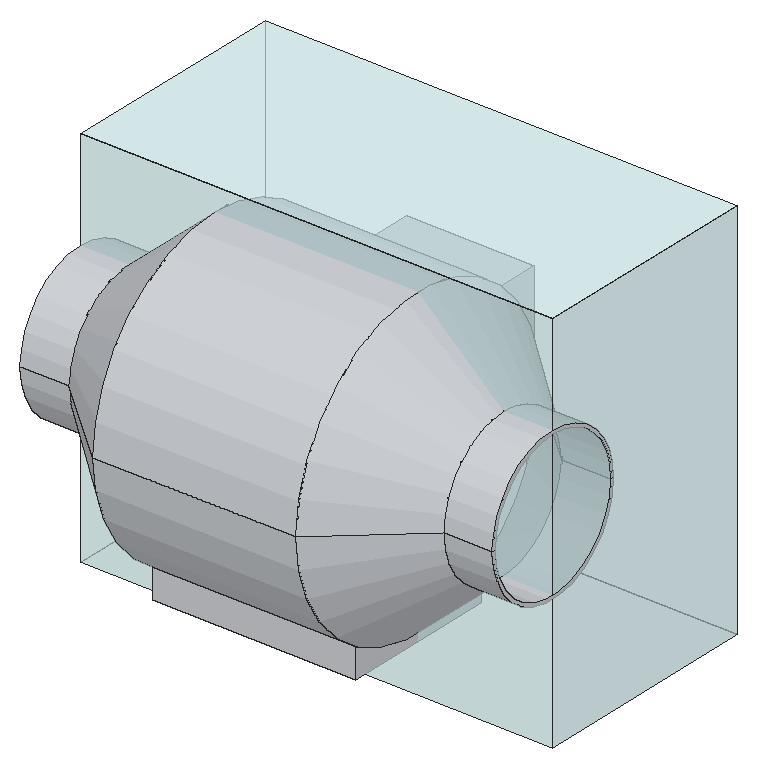
Revit family "Vents_TT PRO_2016_19.08", category Оборудование, Revit 2016
Family settings
  Тип детали = Вставляется
  Размер круглого соединителя = Использовать диаметр
  На основе рабочей плоскости = Нет
  Всегда вертикально = Нет
  При загрузке вырезать с полостями = Нет
  Общий = Нет
  Точка расчета площади = Нет
Parameters (values of type "TT PRO 100")
  Угол = 60.00°
  Использовать масштаб аннотаций [instance] = 0
  Группа модели = "ТТ PRO"
  Variable Speed Drive = no
  Sound Pressure Level at 3m  dBA (Min/Max) = "27/32"
  Service Zone 2 = 2 * LL1  # 302.6 mm
  Service Zone 1 = (R2 * 2) + 20 mm  # 215.8 mm
  Service Zone = R2 + 50 mm  # 147.9 mm
  Power min = 23 W
  Power max = 25 W
  PValue [instance] = 0.0 Pa
  Motor IP Rating = "IPX4"
  WW2 = 52 mm
  WW1 = 50 mm
  W = 500 mm
  Voltage = 230 V
  URL = "https://ventilation-system.com/product/tt-pro-100#characteristic"
  RR4 = 12 mm
  RR3 = 31 mm
  R3 = 49 mm
  R2 = 97.9 mm
  R1 = 48.5 mm
  Productdata [instance] = ""
  PE = 103 mm
  PC = 123 mm
  Изготовитель = "VENTS"
  Mass = 1.75 kg
  MC Product Code = "ТТ PRO 100"
  LL7 = 98 mm
  LL6 = 43 mm
  L8 = 82 mm
  LL4 = 41 mm
  LL3 = 65 mm
  LL2 = 120 mm
  LL1 = 151.3 mm
  Ingress Protection Rating = "IPX4"
  HH3 = R2  # 97.9 mm
  HH2 = 49 mm
  HH1 = 50 mm
  Описание = "Inline mixed-flow fan"
  FlowMin = 180.0 m³/h
  FlowMax = 245.0 m³/h
  Flow [instance] = 245.0 m³/h
  EC motor = no
  D = 100 mm
  Current.Min = 0.1 A
  Current.Max = 0.11 A
  Certification = "by Manifacturer"
  CAT2 = yes
  CAT1 = yes
  CAT0 = yes
Types (7, lengths in mm): name | Sound Pressure Level at 3m  dBA (Min/Max) | Service Zone 2 | Service Zone 1 | Service Zone | Power min | Power max | WW2 | WW1 | URL | RR3 | R2 | R1 | PE | PC | Mass | MC Product Code | LL6 | L8 | LL4 | LL3 | LL2 | LL1 | HH3 | HH2 | HH1 | FlowMin | FlowMax | Flow | D | Current.Min | Current.Max
  TT PRO 160 | "32/44" | 289 | 240.2 | 160.1 | 42 W | 50 W | 52 | 70 | "https://ventilation-system.com/product/tt-pro-160#characteristic" | 43.351 | 110.1 | 79 | 115 | 134 | 3.25 kg | "ТТ PRO 160" | 43 | 82 | 41 | 69 | 112 | 144.5 | 110.1 | 49 | 50 | 415.0 m³/h | 565.0 m³/h | 565.0 m³/h | 160 | 0.19 A | 0.22 A
  TT PRO 200 | "39/45" | 295.6 | 259 | 169.5 | 76 W | 108 W | 52 | 70 | "https://ventilation-system.com/product/tt-pro-200#characteristic" | 43.351 | 119.5 | 99.5 | 130 | 131 | 3.95 kg | "ТТ PRO 200" | 43 | 82 | 41 | 70 | 115 | 147.8 | 119.5 | 49 | 50 | 830.0 m³/h | 1040.0 m³/h | 1040.0 m³/h | 200 | 0.34 A | 0.48 A
  TT PRO 250 | "44/51" | 383 | 307 | 193.5 | 125 W | 177 W | 72 | 70 | "https://ventilation-system.com/product/tt-pro-250#characteristic" | 50 | 143.5 | 123 | 153 | 170 | 7.80 kg | "ТТ PRO 250" | 88.5 | 108 | 54 | 119 | 150 | 191.5 | 143.5 | 49 | 50 | 1110.0 m³/h | 1400.0 m³/h | 1400.0 m³/h | 250 | 0.79 A | 0.54 A
  TT PRO 315 | "41/52" | 445 | 382 | 231 | 230 W | 320 W | 102 | 100 | "https://ventilation-system.com/product/tt-315#characteristic" | 50 | 181 | 155 | 200 | 208 | 11.95 kg | "ТТ PRO 315" | 118 | 108 | 54 | 155 | 192 | 222.5 | 181 | 132 | 67.5 | 1570.0 m³/h | 2050.0 m³/h | 2050.0 m³/h | 315 | 1 A | 1.42 A
  TT PRO 150 | "32/44" | 289 | 240.2 | 160.1 | 42 W | 50 W | 58 | 56 | "https://ventilation-system.com/product/tt-pro-150#characteristic" | 50 | 110.1 | 74 | 113 | 134 | 2.95 kg | "ТТ PRO 150" | 118 | 108 | 54 | 71 | 112 | 144.5 | 110.1 | 132 | 67.5 | 415.0 m³/h | 565.0 m³/h | 565.0 m³/h | 150 | 0.19 A | 0.22 A
  TT PRO 125 | "29/34" | 258.6 | 215.6 | 147.8 | 25 W | 29 W | 52 | 50 | "https://ventilation-system.com/product/tt-pro-125#characteristic" | 31 | 97.8 | 61.5 | 103 | 123 | 2.15 kg | "ТТ PRO 125" | 43 | 82 | 41 | 67 | 100 | 129.3 | 97.8 | 49 | 50 | 240.0 m³/h | 350.0 m³/h | 350.0 m³/h | 125 | 0.11 A | 0.13 A
  TT PRO 100 | "27/32" | 302.6 | 215.8 | 147.9 | 23 W | 25 W | 52 | 50 | "https://ventilation-system.com/product/tt-pro-100#characteristic" | 31 | 97.9 | 48.5 | 103 | 123 | 1.75 kg | "ТТ PRO 100" | 43 | 82 | 41 | 65 | 120 | 151.3 | 97.9 | 49 | 50 | 180.0 m³/h | 245.0 m³/h | 245.0 m³/h | 100 | 0.1 A | 0.11 A
Reference planes
  plane 1 "Center (Front/Back)": y = 0
  plane 2 "XYPLANE": z = 0
  plane 3 "Center (Left/Right)": x = 0
  plane 4 "219": y = 0
  plane 5 "218": z = -97.9
  plane 6 "217": y = -52
  plane 7 "216": y = 52
  plane 8 "215": z = -49
  plane 9 "214": y = -70
  plane 10 "213": y = 70
  plane 11 "212": z = -103
  plane 12 "211": x = -43
  plane 13 "210": y = 49
  plane 14 "209": z = 50
  plane 15 "208": z = -50
  plane 16 "207": y = 123
  plane 17 "206": x = -41
  plane 18 "205": z = 0
  plane 19 "204": y = 97.9
  plane 20 "203": y = 48.5
  plane 21 "202": x = 151.3
  plane 22 "201": x = 120
  plane 23 "200": x = 65
  plane 24 "199": x = -65
  plane 25 "198": x = -120
  plane 26 "197": x = -151.3
  plane 27: y = -50
  plane 28: y = 50
  plane 29: y = 0
  plane 30: y = 0
Forms (mm)
  Extrusion 1, solid, visible <- "CAT0", detail levels fine
    sketch origin (-41, -750, 0) x (0, 1, 0) y (0, 0, 1)
      loop
        arc (834.169, 50) -> (847.9, 0) -> (834.169, -50) r 97.9
        line (834.169, -50) -> (873, -50) -> (873, 50) -> (834.169, 50)
    from 0 to 82 <- "L8"
  Revolve 2, solid, visible <- "CAT0", detail levels medium+fine
    sketch origin (-147.5, 75, 0) x (0, 1, 0) y (-1, 0, 0)
      loop
        line (-26.5, 3.8) -> (-28.5, 3.8) -> (-28.5, -27.931) -> (20.9, -82.931) -> (20.9, -212.069) -> (-28.5, -267.069) -> (-28.5, -298.8) -> (-26.5, -298.8) -> (-26.5, -267.5) -> (22.9, -212.5) -> (22.9, -82.5) -> (-26.5, -27.5) -> (-26.5, 3.8)
      axis (-75, 3.8) -> (-75, -298.8)
    angle from 0 to 360
  Extrusion 3, solid, not visible
    sketch origin (-151.3, -750, 0) x (0, 1, 0) y (0, 0, 1)
      loop
        circle (750, 0) r 10
    from 0 to 10
  Extrusion 4, solid, not visible
    sketch origin (151.3, -750, 0) x (0, 1, 0) y (0, 0, 1)
      loop
        circle (750, 0) r 10
    from 0 to -10
  Extrusion 5, solid, material "Service zone", detail levels medium+fine
    sketch origin (61.3, 0, 0) x (1, 0, 0) y (0, 0, 1)
      loop
        line (-212.6, 112.8) -> (-212.6, -134.113) -> (90, -134.113) -> (90, 112.8) -> (-212.6, 112.8)
    from 0 to -147.9
  Extrusion 6, solid, detail levels fine
    sketch origin (-41, -721.809, 3) x (0, 1, 0) y (0, 0, 1)
      loop
        line (671.809, -87.169) -> (671.809, -106) -> (771.809, -106) -> (771.809, -87.169)
        arc (771.809, -87.169) -> (721.809, -100.9) -> (671.809, -87.169) r 97.9
    from -24 to 106
Lines and regions (mm)
  model lines, detail levels coarse
    curve 1: line (-124.5, 0, 0) -> (-166.3, 0, 0)
    curve 2: line (145.384, 0, 0) -> (124.5, 0, 0)
    curve 3: circle (0, 0, 0) r 97.9 normal (0, 0, -1)
    curve 6: line (97.9, 0, 0) -> (-48.95, -84.784, 0)
    curve 7: line (-48.95, -84.784, 0) -> (-48.95, 84.784, 0)
    curve 8: line (-48.95, 84.784, 0) -> (97.9, 0, 0)
  model lines
    curve 4: line (97.9, 0, 0) -> (151.3, 0, 0)
    curve 5: line (-97.9, 0, 0) -> (-151.3, 0, 0)
    curve 9: line (97.9, 0, 0) -> (151.3, 0, 0)
    curve 10: line (-97.9, 0, 0) -> (-151.3, 0, 0)
    curve 11: line (-97.9, 0, 0) -> (-151.3, 0, 0)
Dimensions and locks
  locked: plane 1 "Center (Front/Back)" to plane 4 "219"
  "HH3": plane 2 "XYPLANE" to plane 5 "218"
  "WW2": plane 1 "Center (Front/Back)" to plane 6 "217"
  "WW2": plane 1 "Center (Front/Back)" to plane 7 "216"
  "HH2": plane 2 "XYPLANE" to plane 8 "215"
  "PE": plane 2 "XYPLANE" to plane 11 "212"
  "LL6": plane 3 "Center (Left/Right)" to plane 12 "211"
  "R3": plane 1 "Center (Front/Back)" to plane 13 "210"
  "HH1": plane 2 "XYPLANE" to plane 14 "209"
  "HH1": plane 2 "XYPLANE" to plane 15 "208"
  "PC": plane 1 "Center (Front/Back)" to plane 16 "207"
  "LL4": plane 3 "Center (Left/Right)" to plane 17 "206"
  locked: plane 2 "XYPLANE" to plane 18 "205"
  "R2": plane 1 "Center (Front/Back)" to plane 19 "204"
  "R1": plane 1 "Center (Front/Back)" to plane 20 "203"
  "LL1": plane 3 "Center (Left/Right)" to plane 21 "202"
  "LL2": plane 3 "Center (Left/Right)" to plane 22 "201"
  "LL3": plane 3 "Center (Left/Right)" to plane 23 "200"
  "LL3": plane 3 "Center (Left/Right)" to plane 24 "199"
  "LL2": plane 3 "Center (Left/Right)" to plane 25 "198"
  "LL1": plane 3 "Center (Left/Right)" to plane 26 "197"
  Extrusion 1 sketch curve to Extrusion 1 sketch curve = 0 mm  (x4)
  Revolve 2 sketch curve to Revolve 2 sketch curve = 0 mm  (x8)
  "Service Zone 1": Extrusion 5 to plane 11 "212"
  plane 4 "219" to plane 16 "207" = 123 mm
  "PE": level to Extrusion 6
  "WW1": Extrusion 6 sketch curve to Extrusion 5
  "WW1": Extrusion 5 to Extrusion 6 sketch curve
  "Service Zone": Extrusion 5 to Extrusion 5
  Extrusion 5 to level = 112.8 mm
  "R2": radius of Extrusion 6 sketch curve
  "R2": radius of Extrusion 1 sketch curve
  "R2": radius of curve 3
  "Угол": angle curve 7 to curve 8
  "Угол": angle curve 8 to curve 6
  aligned and locked: level to plane 2 "XYPLANE"
  aligned and locked: plane 16 "207" to Extrusion 1 sketch curve
  aligned and locked: plane 14 "209" to Extrusion 1 sketch curve
  aligned and locked: plane 15 "208" to Extrusion 1 sketch curve
  aligned and locked: Extrusion 1 sketch curve to plane 16 "207"
  aligned and locked: plane 26 "197" to Revolve 2 sketch curve
  aligned and locked: plane 25 "198" to Revolve 2 sketch curve
  aligned and locked: plane 20 "203" to Revolve 2 sketch curve  (x2)
  aligned and locked: plane 19 "204" to Revolve 2 sketch curve  (x2)
  aligned and locked: plane 24 "199" to Revolve 2 sketch curve
  aligned and locked: plane 23 "200" to Revolve 2 sketch curve
  aligned and locked: plane 22 "201" to Revolve 2 sketch curve
  aligned and locked: plane 21 "202" to Revolve 2 sketch curve
  aligned and locked: Extrusion 3 sketch curve to plane 4 "219"
  aligned and locked: plane 18 "205" to Extrusion 3 sketch curve
  aligned and locked: Extrusion 4 sketch curve to plane 4 "219"
  aligned and locked: plane 18 "205" to Extrusion 4 sketch curve
  aligned and locked: Extrusion 5 to plane 26 "197"
  aligned and locked: plane 21 "202" to Extrusion 5
  aligned and locked: plane 24 "199" to Extrusion 6
  aligned and locked: Extrusion 6 to plane 23 "200"
  aligned and locked: plane 1 "Center (Front/Back)" to Extrusion 5
Automatic sketch dimensions
  plane 1 "Center (Front/Back)" to Revolve 2 sketch curve = 0 mm
  Revolve 2 sketch curve to plane 20 "203" = 2 mm  (x2)
  Revolve 2 sketch curve to plane 22 "201" = 0.431 mm
  plane 24 "199" to Revolve 2 sketch curve = 0.431 mm
  Revolve 2 sketch curve to plane 19 "204" = 2 mm
  Revolve 2 sketch curve to plane 23 "200" = 0.431 mm
  plane 25 "198" to Revolve 2 sketch curve = 0.431 mm
  plane 3 "Center (Left/Right)" to Revolve 2 sketch curve = 10 mm
  plane 25 "198" to Revolve 2 sketch curve = 19.5 mm
  plane 1 "Center (Front/Back)" to Extrusion 3 sketch curve = 10 mm
  plane 1 "Center (Front/Back)" to Extrusion 4 sketch curve = 10 mm
  plane 26 "197" to Extrusion 5 sketch curve = 0 mm
  plane 21 "202" to Extrusion 5 sketch curve = 0 mm
  Extrusion 5 sketch curve to plane 11 "212" = 31.113 mm
  plane 14 "209" to Extrusion 5 sketch curve = 62.8 mm
  curve 1 to level = 0 mm
  curve 2 to level = 0 mm
  curve 1 to plane 26 "197" = 15 mm
  curve 1 to plane 25 "198" = 4.5 mm
  plane 22 "201" to curve 2 = 4.5 mm
  curve 2 to plane 21 "202" = 5.916 mm
  Extrusion 1 sketch curve to level = 0 mm
  Extrusion 1 sketch curve to plane 1 "Center (Front/Back)" = 0 mm
  Extrusion 6 sketch curve to level = 0 mm
  Extrusion 6 sketch curve to plane 1 "Center (Front/Back)" = 0 mm
  Extrusion 6 sketch curve to plane 11 "212" = 0 mm
  plane 1 "Center (Front/Back)" to curve 5 = 0 mm
  plane 1 "Center (Front/Back)" to curve 6 = 0 mm
  plane 1 "Center (Front/Back)" to curve 4 = 0 mm
  plane 1 "Center (Front/Back)" to curve 11 = 0 mm
  curve 4 to plane 21 "202" = 0 mm
  curve 3 to plane 3 "Center (Left/Right)" = 0 mm
  curve 10 to plane 26 "197" = 0 mm
  curve 11 to plane 26 "197" = 0 mm
Connectors
  hvac at (-151.3, 0, 0), driven by "D"
    settings: on Extrusion 3, index 1, duct flow 0.0 m³/h, flow factor 0, pres drop 0.0 Pa, loss coef 0, conn angle 0.00°, conn width 304.8 mm, conn height 304.8 mm, conn diameter 100 mm, duct sys type 29, conn prof type 0, flow config 0, flow direction 1, loss method 0, conn ref index 2, conn util no, is conn primary yes, conn desc ""
  hvac at (151.3, 0, 0), driven by "D"
    settings: on Extrusion 4, index 2, duct flow 0.0 m³/h, flow factor 0, pres drop 0.0 Pa, loss coef 0, conn angle 0.00°, conn width 304.8 mm, conn height 304.8 mm, conn diameter 100 mm, duct sys type 29, conn prof type 0, flow config 0, flow direction 2, loss method 0, conn ref index 1, conn util no, is conn primary no, conn desc ""
  electrical at (0, 103.584, 50)
    settings: on Extrusion 1, index 3, voltage 0 V, apparent load 0 VA, apparent load phase1 0 VA, apparent load phase2 0 VA, apparent load phase3 0 VA, power factor 1, load classification "Прочее", number of poles 1, system type 31, power factor state 1, is connector primary yes, connector utility no, sub classification motor no, connector description ""
